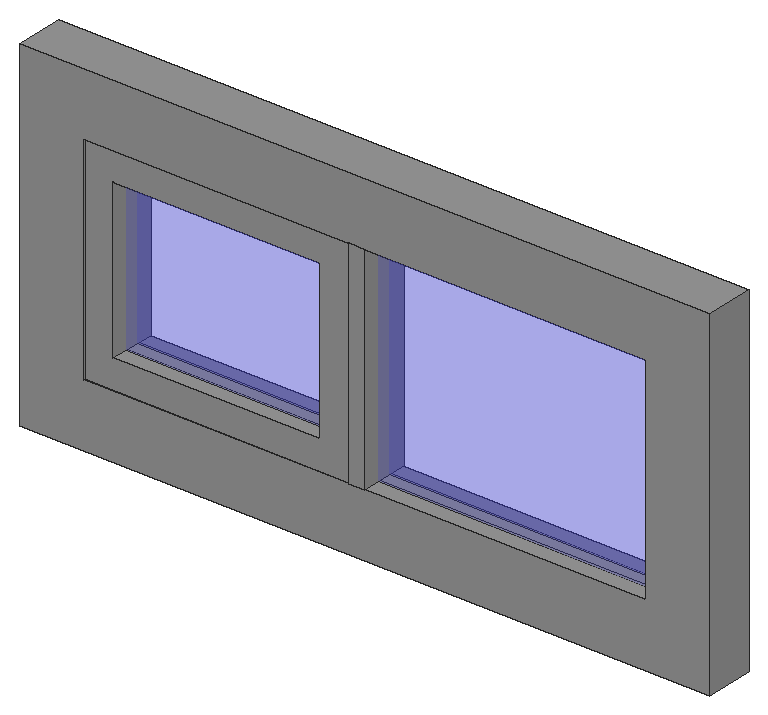
Revit family "Family58", category Windows, host Wall, Revit 2018
Family settings
  Host = Wall
  OmniClass Number = 23.30.20.00
  OmniClass Title = Windows
  Always vertical = Yes
  Cut with Voids When Loaded = No
  Shared = No
  Room Calculation Point = No
Parameters
  Window Frame = 84 mm
  Visual Light Transmittance = 0.81
  URL = "www.skywardwindows.co.za"
  Thermal Resistance (R) = 0.3196 (m²·K)/W
  Telephone = "021 276 1800"
  Solar Heat Gain Coefficient = 0.76
  Manufacturer = "Skyward Windows"
  Height = 590 mm
  Heat Transfer Coefficient (U) = 3.1292 W/(m²·K)
  Glass Thickness = 4 mm
  Glass = Glass
  Frame = White
  Email Address = "info@skywardwindows.co.za"
  Default Sill Height = 800 mm
  Wall Closure = By host
  Width = 1190 mm
  Company Address = "Charles Matthews Street Atlantis 7349"
  Analytic Construction = "Double glazing - domestic"
Reference planes
  plane 1 "Center (Front/Back)": y = 0
  plane 2 "Center (Left/Right)": x = 0
  plane 3 "Left": x = -595
  plane 4 "Right": x = 595
  plane 5 "Sill": z = 800
  plane 6 "Head": z = 1390
  plane 7 "Exterior": y = 100
  plane 8 "Interior": y = -100
Forms (mm)
  Extrusion 1, solid, material "White" <- "Frame"
    sketch origin (0, -100, 0) x (1, 0, 0) y (0, 0, 1)
      loop
        line (-595, 1390) -> (-595, 800) -> (595, 800) -> (595, 1390) -> (-595, 1390)
      loop
        line (-486, 909) -> (486, 909) -> (486, 1281) -> (-486, 1281) -> (-486, 909)
    from -142 to -58
  Extrusion 2, solid, material "White" <- "Frame"
    sketch origin (0, -100, 0) x (1, 0, 0) y (0, 0, 1)
      loop
        line (-486, 1281) -> (-486, 909) -> (-30, 909) -> (-30, 1281) -> (-486, 1281)
      loop
        line (-436, 1231) -> (-436, 959) -> (-80, 959) -> (-80, 1231) -> (-436, 1231)
    from -140 to -60
  Extrusion 3, solid, material "White" <- "Frame"
    sketch origin (0, -100, 0) x (1, 0, 0) y (0, 0, 1)
      loop
        line (-27.495, 1281) -> (-27.495, 909) -> (0, 909) -> (0, 1281) -> (-27.495, 1281)
    from -142 to -58
  Extrusion 4, solid, material "Glass" <- "Glass"
    sketch origin (0, 0, 0) x (1, 0, 0) y (0, 1, 0)
      loop
        line (-436, 14) -> (-436, 10) -> (-80, 10) -> (-80, 14) -> (-436, 14)
      loop
        line (-436, -10) -> (-436, -14) -> (-80, -14) -> (-80, -10) -> (-436, -10)
    from 959 to 1231
  Extrusion 5, solid, material "Glass" <- "Glass"
    sketch origin (0, 0, 0) x (1, 0, 0) y (0, 1, 0)
      loop
        line (0, 14) -> (0, 10) -> (486, 10) -> (486, 14) -> (0, 14)
      loop
        line (486, -10) -> (0, -10) -> (0, -14) -> (486, -14) -> (486, -10)
    from 909 to 1281
Lines and regions (mm)
  Opening 1
    outline origin (3500, -100, 0) x (1, 0, 0) y (0, 0, 1)
      loop
        line (-2905, 800) -> (-2905, 1390) -> (-4095, 1390) -> (-4095, 800) -> (-2905, 800)
Text (mm)
  text "EXTERIOR" at (-1963.203, 1332.353, 0), in view "Ref. Level"
  text "INTERIOR" at (-1981.466, -818.386, 0), in view "Ref. Level"
  text "Exterior" at (0, 923.751, 2943.296), in view "Right"
  text "Exterior" at (0, 1040.484, 2685.409), in view "Left"
Dimensions and locks
  equal spacing: plane 3 "Left", plane 2 "Center (Left/Right)", plane 4 "Right"
  "Width": plane 3 "Left" to plane 4 "Right"
  "Height": plane 5 "Sill" to plane 6 "Head"
  "Default Sill Height": plane 5 "Sill" to level
  locked: plane 7 "Exterior" to host wall at 0
  locked: plane 8 "Interior" to host wall
  "Window Frame": Extrusion 1 to Extrusion 1
  "Glass Thickness": Extrusion 4 to Extrusion 4
  "Glass Thickness": Extrusion 5 to Extrusion 5
  aligned and locked: Extrusion 1 sketch curve to host wall  (x4)
  aligned and locked: Extrusion 4 to Extrusion 2
Automatic sketch dimensions
  Opening 1 sketch curve to plane 3 "Left" = 0 mm
  Opening 1 sketch curve to plane 4 "Right" = 0 mm
  Opening 1 sketch curve to plane 5 "Sill" = 0 mm
  Opening 1 sketch curve to plane 6 "Head" = 0 mm
  Extrusion 1 sketch curve to plane 3 "Left" = 109 mm
  plane 4 "Right" to Extrusion 1 sketch curve = 109 mm
  Extrusion 1 sketch curve to plane 5 "Sill" = 109 mm
  plane 6 "Head" to Extrusion 1 sketch curve = 109 mm
  Extrusion 2 sketch curve to plane 3 "Left" = 109 mm
  Extrusion 2 sketch curve to Extrusion 2 sketch curve = 50 mm  (x3)
  plane 2 "Center (Left/Right)" to Extrusion 2 sketch curve = 80 mm
  plane 2 "Center (Left/Right)" to Extrusion 2 sketch curve = 30 mm
  Extrusion 2 sketch curve to plane 5 "Sill" = 109 mm
  plane 6 "Head" to Extrusion 2 sketch curve = 159 mm
  plane 2 "Center (Left/Right)" to Extrusion 3 sketch curve = 0 mm
  plane 2 "Center (Left/Right)" to Extrusion 3 sketch curve = 27.495 mm
  Extrusion 3 sketch curve to plane 5 "Sill" = 109 mm
  plane 6 "Head" to Extrusion 3 sketch curve = 109 mm
  Extrusion 4 sketch curve to host wall = 14 mm
  Extrusion 4 sketch curve to plane 3 "Left" = 159 mm
  Extrusion 4 sketch curve to Extrusion 4 sketch curve = 0 mm  (x2)
  host wall to Extrusion 4 sketch curve = 10 mm
  plane 2 "Center (Left/Right)" to Extrusion 4 sketch curve = 80 mm
  Extrusion 4 sketch curve to Extrusion 4 sketch curve = 4 mm  (x2)
  Extrusion 5 sketch curve to plane 2 "Center (Left/Right)" = 0 mm  (x2)
  Extrusion 5 sketch curve to host wall = 14 mm
  plane 4 "Right" to Extrusion 5 sketch curve = 109 mm
  Extrusion 5 sketch curve to Extrusion 5 sketch curve = 0 mm
  Extrusion 5 sketch curve to Extrusion 5 sketch curve = 4 mm  (x2)
  host wall to Extrusion 5 sketch curve = 10 mm
